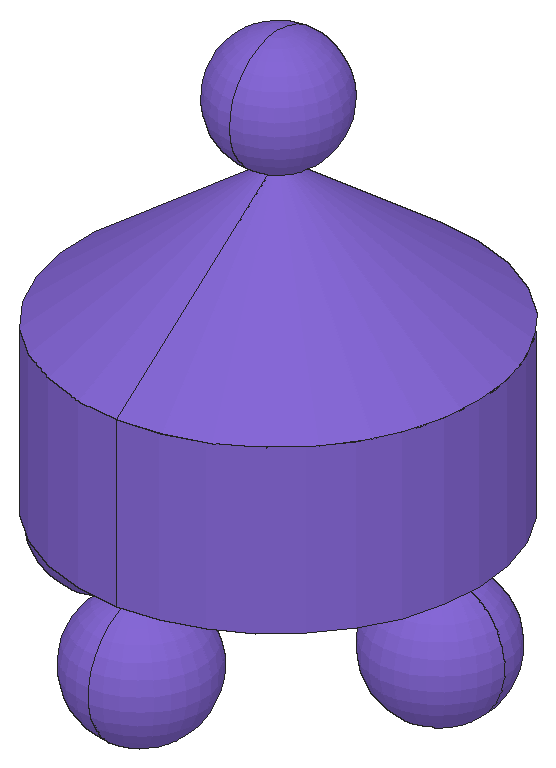
Revit family "M_Condição do limite-Rolo", category Condições do limite, Revit 2019
Family settings
  ID de item do Seek = Boundary Condition-Roller-0000-CAN-ENU
  Com base no plano de trabalho = Não
  Sempre na vertical = Sim
  Corte com vazios quando carregada = Não
  Compartilhado = Não
Reference planes
  plane 1 "Centro (Frente/Trás)": y = 0
  plane 2: z = 0
  plane 3 "Centro (Esquerda/Direita)": x = 0
Forms (mm)
  Revolve 1, solid, material "Rolo do limite"
    sketch origin (0, 0, 0) x (0, 1, 0) y (0, 0, 1)
      loop
        line (0, 38.1) -> (0, -231.064) -> (127, -231.064) -> (127, -126.038) -> (5.429, -37.711)
        arc (5.429, -37.711) -> (38.003, 2.721) -> (0, 38.1) r 38.1
      axis (0, 38.1) -> (0, -231.064)
    angle from 0 to 360
  Revolve 2, solid, material "Rolo do limite"
    sketch origin (-101.6, 0, 0) x (1, 0, 0) y (0, 0, 1)
      loop
        line (203.2, -231.064) -> (203.2, -313.614)
        arc (203.2, -313.614) -> (244.475, -272.339) -> (203.2, -231.064) r 41.275
      axis (203.2, -313.614) -> (203.2, -231.064)
    angle from 0 to 360
  Revolve 3, solid, material "Rolo do limite"
    sketch origin (-311.15, 0, 0) x (1, 0, 0) y (0, 0, 1)
      loop
        line (203.2, -231.064) -> (203.2, -313.614)
        arc (203.2, -313.614) -> (244.475, -272.339) -> (203.2, -231.064) r 41.275
      axis (203.2, -313.614) -> (203.2, -231.064)
    angle from 0 to 360
  Revolve 4, solid, material "Rolo do limite"
    sketch origin (0, 95.25, 0) x (0, -1, 0) y (0, 0, 1)
      loop
        line (203.2, -231.064) -> (203.2, -313.614)
        arc (203.2, -313.614) -> (244.475, -272.339) -> (203.2, -231.064) r 41.275
      axis (203.2, -313.614) -> (203.2, -231.064)
    angle from 0 to 360
  Revolve 5, solid, material "Rolo do limite"
    sketch origin (0, 304.8, 0) x (0, -1, 0) y (0, 0, 1)
      loop
        line (203.2, -231.064) -> (203.2, -313.614)
        arc (203.2, -313.614) -> (244.475, -272.339) -> (203.2, -231.064) r 41.275
      axis (203.2, -313.614) -> (203.2, -231.064)
    angle from 0 to 360
